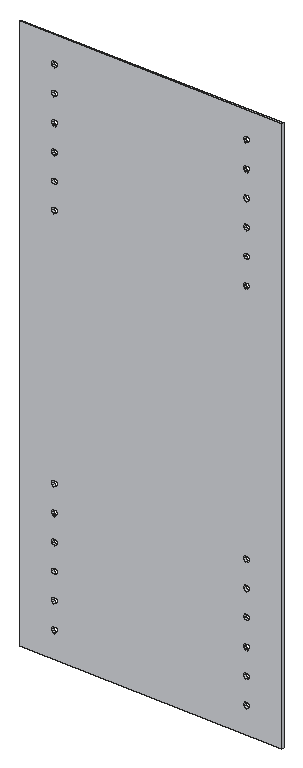
Revit family "StiffClip (R) WC", category Structural Connections, Revit 2026
Family settings
  Material for Model Behavior = Other
  Work Plane-Based = No
  Enable Cutting in Views = No
  Always vertical = No
  Cut with Voids When Loaded = No
  Shared = No
Parameters (values of type "StiffClip® WC 750-54-16")
  Version = "2.0"
  URL = "http://www.steelnetwork.com/product.aspx/StiffClipWC"
  Manufacturer = "The Steel Network, Inc."
  Is_750-54-16 = yes
  Is_750-118-16 = no
  Is_550-54-16 = no
  Is_550-54-13 = no
  Is_550-118-16 = no
  Is_550-118-13 = no
  Is_350-54 = no
  Is_350-118 = no
Types (9): name | Is_750-54-16 | Is_750-118-16 | Is_550-54-16 | Is_550-54-13 | Is_550-118-16 | Is_550-118-13 | Is_350-54 | Is_350-118
  (no name) | yes | no | no | no | no | no | no | no
  StiffClip® WC 350-54 | no | no | no | no | no | no | yes | no
  StiffClip® WC 350-118 | no | no | no | no | no | no | no | yes
  StiffClip® WC 550-54-13 | no | no | no | yes | no | no | no | no
  StiffClip® WC 550-54-16 | no | no | yes | no | no | no | no | no
  StiffClip® WC 550-118-13 | no | no | no | no | no | yes | no | no
  StiffClip® WC 550-118-16 | no | no | no | no | yes | no | no | no
  StiffClip® WC 750-54-16 | yes | no | no | no | no | no | no | no
  StiffClip® WC 750-118-16 | no | yes | no | no | no | no | no | no
Reference planes (in)
  plane 1 "Center (Front/Back)": y = 0
  plane 2: z = 0
  plane 3 "Center (Left/Right)": x = 0
Nested families (in)
  nested 1: "StiffClip (R) WC350-54" at (-1.75, 0, 0), visible <- "Is_350-54", type "StiffClip (R) WC350-54"
  nested 2: "StiffClip (R) WC350-118" at (-1.75, 0, 0), visible <- "Is_350-118", type "StiffClip (R) WC350-118"
  nested 3: "StiffClip (R) WC550-54-16" at (-2.73521, 0, 0), visible <- "Is_550-54-16", type "StiffClip (R) WC550-54-16"
  nested 4: "StiffClip (R) WC550-54-13" at (-2.75, 0, 0), visible <- "Is_550-54-13", type "StiffClip (R) WC550-54-13"
  nested 5: "StiffClip (R) WC550-118-13" at (-2.75, 0, 0), visible <- "Is_550-118-13", type "StiffClip (R) WC550-118-13"
  nested 6: "StiffClip (R) WC550-118-16" at (-2.75, 0, 0), visible <- "Is_550-118-16", type "StiffClip (R) WC550-118-16"
  nested 7: "StiffClip (R) WC750-54-16" at (-3.73521, 0, 0), visible <- "Is_750-54-16", type "StiffClip (R) WC750-54-16"
  nested 8: "StiffClip (R) WC750-118-16" at (-3.75, 0, 0), visible <- "Is_750-118-16", type "StiffClip (R) WC750-118-16"
Definition of nested family "StiffClip (R) WC350-54"
  Reference planes (in)
    plane 1 "Center (Front/Back)": y = 0
    plane 2: z = 0
    plane 3 "Center (Left/Right)": x = 0
    plane 4: x = 3.5
    plane 5: y = -0.0566
    plane 6: x = 1
    plane 7: x = 2.5
    plane 8: z = -4.25
  Forms (in)
    Extrusion 1, solid
      sketch origin (0, 0, 0) x (1, 0, 0) y (0, 0, 1)
        loop
          line (0, 5) -> (0, -5) -> (3.5, -5) -> (3.5, 5) -> (0, 5)
      from 0 to 0.0566
    Extrusion 2, void
      sketch origin (0, 0, 0) x (1, 0, 0) y (0, 0, 1)
        loop
          circle (2.5, 4.25) r 0.086
        loop
          circle (1, 4.25) r 0.086
        loop
          circle (2.5, 3.5) r 0.086
        loop
          circle (1, 3.5) r 0.086
        loop
          circle (2.5, 2.75) r 0.086
        loop
          circle (1, 2.75) r 0.086
        loop
          circle (2.5, 2) r 0.086
        loop
          circle (1, 2) r 0.086
        loop
          circle (2.5, -2) r 0.086
        loop
          circle (1, -2) r 0.086
        loop
          circle (2.5, -2.75) r 0.086
        loop
          circle (1, -2.75) r 0.086
        loop
          circle (2.5, -3.5) r 0.086
        loop
          circle (1, -3.5) r 0.086
        loop
          circle (2.5, -4.25) r 0.086
        loop
          circle (1, -4.25) r 0.086
      from 0 to 0.0566
  Cuts and joins
    Extrusion 2 cuts Extrusion 1
  Dimensions and locks (in)
    aligned and locked: Extrusion 1 to Extrusion 2  (x2)
Definition of nested family "StiffClip (R) WC350-118"
  Reference planes (in)
    plane 1 "Center (Front/Back)": y = 0
    plane 2: z = 0
    plane 3 "Center (Left/Right)": x = 0
    plane 4: x = 3.5
    plane 5: y = -0.1017
    plane 6: x = 1
    plane 7: x = 2.5
    plane 8: z = -4.25
  Forms (in)
    Extrusion 1, solid
      sketch origin (0, 0, 0) x (1, 0, 0) y (0, 0, 1)
        loop
          line (0, 5) -> (0, -5) -> (3.5, -5) -> (3.5, 5) -> (0, 5)
      from 0 to 0.1017
    Extrusion 2, void
      sketch origin (0, 0, 0) x (1, 0, 0) y (0, 0, 1)
        loop
          circle (2.5, 4.25) r 0.086
        loop
          circle (1, 4.25) r 0.086
        loop
          circle (2.5, 3.5) r 0.086
        loop
          circle (1, 3.5) r 0.086
        loop
          circle (2.5, 2.75) r 0.086
        loop
          circle (1, 2.75) r 0.086
        loop
          circle (2.5, 2) r 0.086
        loop
          circle (1, 2) r 0.086
        loop
          circle (2.5, -2) r 0.086
        loop
          circle (1, -2) r 0.086
        loop
          circle (2.5, -2.75) r 0.086
        loop
          circle (1, -2.75) r 0.086
        loop
          circle (2.5, -3.5) r 0.086
        loop
          circle (1, -3.5) r 0.086
        loop
          circle (2.5, -4.25) r 0.086
        loop
          circle (1, -4.25) r 0.086
      from 0 to 0.1017
  Cuts and joins
    Extrusion 2 cuts Extrusion 1
  Dimensions and locks (in)
    aligned and locked: Extrusion 1 to Extrusion 2  (x2)
Definition of nested family "StiffClip (R) WC550-54-16"
  Reference planes (in)
    plane 1 "Center (Front/Back)": y = 0
    plane 2: z = 0
    plane 3 "Center (Left/Right)": x = 0
    plane 4: x = 5.5
    plane 5: y = -0.0566
    plane 6: x = 4.5
    plane 7: z = -8
    plane 8: z = 7.25
    plane 9: z = 8
    plane 10: z = -7.25
  Forms (in)
    Extrusion 1, solid
      sketch origin (0, 0, 3) x (1, 0, 0) y (0, 0, 1)
        loop
          line (0, 5) -> (0, -11) -> (5.5, -11) -> (5.5, 5) -> (0, 5)
      from 0 to 0.0566
    Extrusion 2, void
      sketch origin (0, 0, 0) x (1, 0, 0) y (0, 0, 1)
        loop
          circle (4.5, 7.25) r 0.086
        loop
          circle (1, 7.25) r 0.086
        loop
          circle (4.5, 6.5) r 0.086
        loop
          circle (1, 6.5) r 0.086
        loop
          circle (4.5, 5.75) r 0.086
        loop
          circle (1, 5.75) r 0.086
        loop
          circle (4.5, 5) r 0.086
        loop
          circle (1, 5) r 0.086
        loop
          circle (4.5, 4.25) r 0.086
        loop
          circle (1, 4.25) r 0.086
        loop
          circle (4.5, 3.5) r 0.086
        loop
          circle (1, 3.5) r 0.086
        loop
          circle (4.5, -3.5) r 0.086
        loop
          circle (1, -3.5) r 0.086
        loop
          circle (4.5, -4.25) r 0.086
        loop
          circle (1, -4.25) r 0.086
        loop
          circle (4.5, -5) r 0.086
        loop
          circle (1, -5) r 0.086
        loop
          circle (4.5, -5.75) r 0.086
        loop
          circle (1, -5.75) r 0.086
        loop
          circle (4.5, -6.5) r 0.086
        loop
          circle (1, -6.5) r 0.086
        loop
          circle (4.5, -7.25) r 0.086
        loop
          circle (1, -7.25) r 0.086
      from 0 to 0.0566
  Cuts and joins
    Extrusion 2 cuts Extrusion 1
  Dimensions and locks (in)
    aligned and locked: Extrusion 1 to Extrusion 2  (x2)
    aligned and locked: plane 4 to Extrusion 1
    aligned and locked: Extrusion 1 to plane 5
Definition of nested family "StiffClip (R) WC550-54-13"
  Reference planes (in)
    plane 1 "Center (Front/Back)": y = 0
    plane 2: z = 0
    plane 3 "Center (Left/Right)": x = 0
    plane 4: x = 5.5
    plane 5: y = -0.0566
    plane 6: z = -4.25
    plane 7: x = 4.5
    plane 8: z = 4.25
  Forms (in)
    Extrusion 1, solid
      sketch origin (0, 0, 0) x (1, 0, 0) y (0, 0, 1)
        loop
          line (0, 5) -> (0, -5) -> (5.5, -5) -> (5.5, 5) -> (0, 5)
      from 0 to 0.0566
    Extrusion 2, void
      sketch origin (0, 0, 0) x (1, 0, 0) y (0, 0, 1)
        loop
          circle (4.5, 4.25) r 0.086
        loop
          circle (1, 4.25) r 0.086
        loop
          circle (4.5, 3.5) r 0.086
        loop
          circle (1, 3.5) r 0.086
        loop
          circle (4.5, 2.75) r 0.086
        loop
          circle (1, 2.75) r 0.086
        loop
          circle (4.5, 2) r 0.086
        loop
          circle (1, 2) r 0.086
        loop
          circle (4.5, -2) r 0.086
        loop
          circle (1, -2) r 0.086
        loop
          circle (4.5, -2.75) r 0.086
        loop
          circle (1, -2.75) r 0.086
        loop
          circle (4.5, -3.5) r 0.086
        loop
          circle (1, -3.5) r 0.086
        loop
          circle (4.5, -4.25) r 0.086
        loop
          circle (1, -4.25) r 0.086
      from 0 to 0.0566
  Cuts and joins
    Extrusion 2 cuts Extrusion 1
  Dimensions and locks (in)
    aligned and locked: Extrusion 1 to Extrusion 2  (x2)
    aligned and locked: plane 4 to Extrusion 1
Definition of nested family "StiffClip (R) WC550-118-13"
  Reference planes (in)
    plane 1 "Center (Front/Back)": y = 0
    plane 2: z = 0
    plane 3 "Center (Left/Right)": x = 0
    plane 4: x = 5.5
    plane 5: y = -0.1017
    plane 6: z = -4.25
    plane 7: x = 4.5
    plane 8: z = 4.25
  Forms (in)
    Extrusion 1, solid
      sketch origin (0, 0, 0) x (1, 0, 0) y (0, 0, 1)
        loop
          line (0, 5) -> (0, -5) -> (5.5, -5) -> (5.5, 5) -> (0, 5)
      from 0 to 0.1017
    Extrusion 2, void
      sketch origin (0, 0, 0) x (1, 0, 0) y (0, 0, 1)
        loop
          circle (4.5, 4.25) r 0.086
        loop
          circle (1, 4.25) r 0.086
        loop
          circle (4.5, 3.5) r 0.086
        loop
          circle (1, 3.5) r 0.086
        loop
          circle (4.5, 2.75) r 0.086
        loop
          circle (1, 2.75) r 0.086
        loop
          circle (4.5, 2) r 0.086
        loop
          circle (1, 2) r 0.086
        loop
          circle (4.5, -2) r 0.086
        loop
          circle (1, -2) r 0.086
        loop
          circle (4.5, -2.75) r 0.086
        loop
          circle (1, -2.75) r 0.086
        loop
          circle (4.5, -3.5) r 0.086
        loop
          circle (1, -3.5) r 0.086
        loop
          circle (4.5, -4.25) r 0.086
        loop
          circle (1, -4.25) r 0.086
      from 0 to 0.1017
  Cuts and joins
    Extrusion 2 cuts Extrusion 1
  Dimensions and locks (in)
    aligned and locked: Extrusion 1 to Extrusion 2  (x2)
    aligned and locked: plane 4 to Extrusion 1
    aligned and locked: Extrusion 1 to plane 5
Definition of nested family "StiffClip (R) WC550-118-16"
  Reference planes (in)
    plane 1 "Center (Front/Back)": y = 0
    plane 2: z = 0
    plane 3 "Center (Left/Right)": x = 0
    plane 4: x = 5.5
    plane 5: y = -0.1017
    plane 6: x = 4.5
    plane 7: z = -8
    plane 8: z = 7.25
    plane 9: z = 8
    plane 10: z = -7.25
  Forms (in)
    Extrusion 1, solid
      sketch origin (0, 0, 3) x (1, 0, 0) y (0, 0, 1)
        loop
          line (0, 5) -> (0, -11) -> (5.5, -11) -> (5.5, 5) -> (0, 5)
      from 0 to 0.1017
    Extrusion 2, void
      sketch origin (0, 0, 0) x (1, 0, 0) y (0, 0, 1)
        loop
          circle (4.5, 7.25) r 0.086
        loop
          circle (1, 7.25) r 0.086
        loop
          circle (4.5, 6.5) r 0.086
        loop
          circle (1, 6.5) r 0.086
        loop
          circle (4.5, 5.75) r 0.086
        loop
          circle (1, 5.75) r 0.086
        loop
          circle (4.5, 5) r 0.086
        loop
          circle (1, 5) r 0.086
        loop
          circle (4.5, 4.25) r 0.086
        loop
          circle (1, 4.25) r 0.086
        loop
          circle (4.5, 3.5) r 0.086
        loop
          circle (1, 3.5) r 0.086
        loop
          circle (4.5, -3.5) r 0.086
        loop
          circle (1, -3.5) r 0.086
        loop
          circle (4.5, -4.25) r 0.086
        loop
          circle (1, -4.25) r 0.086
        loop
          circle (4.5, -5) r 0.086
        loop
          circle (1, -5) r 0.086
        loop
          circle (4.5, -5.75) r 0.086
        loop
          circle (1, -5.75) r 0.086
        loop
          circle (4.5, -6.5) r 0.086
        loop
          circle (1, -6.5) r 0.086
        loop
          circle (4.5, -7.25) r 0.086
        loop
          circle (1, -7.25) r 0.086
      from 0 to 0.1017
  Cuts and joins
    Extrusion 2 cuts Extrusion 1
  Dimensions and locks (in)
    aligned and locked: Extrusion 1 to Extrusion 2  (x2)
    aligned and locked: plane 4 to Extrusion 1
    aligned and locked: Extrusion 1 to plane 5
Definition of nested family "StiffClip (R) WC750-54-16"
  Reference planes (in)
    plane 1 "Center (Front/Back)": y = 0
    plane 2: z = 0
    plane 3 "Center (Left/Right)": x = 0
    plane 4: x = 7.5
    plane 5: y = -0.0566
    plane 6: z = -8
    plane 7: z = 7.25
    plane 8: z = 8
    plane 9: z = -7.25
  Forms (in)
    Extrusion 1, solid
      sketch origin (0, 0, 3) x (1, 0, 0) y (0, 0, 1)
        loop
          line (0, 5) -> (0, -11) -> (7.5, -11) -> (7.5, 5) -> (0, 5)
      from 0 to 0.0566
    Extrusion 2, void
      sketch origin (0, 0, 0) x (1, 0, 0) y (0, 0, 1)
        loop
          circle (6.5, 7.25) r 0.086
        loop
          circle (1, 7.25) r 0.086
        loop
          circle (6.5, 6.5) r 0.086
        loop
          circle (1, 6.5) r 0.086
        loop
          circle (6.5, 5.75) r 0.086
        loop
          circle (1, 5.75) r 0.086
        loop
          circle (6.5, 5) r 0.086
        loop
          circle (1, 5) r 0.086
        loop
          circle (6.5, 4.25) r 0.086
        loop
          circle (1, 4.25) r 0.086
        loop
          circle (6.5, 3.5) r 0.086
        loop
          circle (1, 3.5) r 0.086
        loop
          circle (6.5, -3.5) r 0.086
        loop
          circle (1, -3.5) r 0.086
        loop
          circle (6.5, -4.25) r 0.086
        loop
          circle (1, -4.25) r 0.086
        loop
          circle (6.5, -5) r 0.086
        loop
          circle (1, -5) r 0.086
        loop
          circle (6.5, -5.75) r 0.086
        loop
          circle (1, -5.75) r 0.086
        loop
          circle (6.5, -6.5) r 0.086
        loop
          circle (1, -6.5) r 0.086
        loop
          circle (6.5, -7.25) r 0.086
        loop
          circle (1, -7.25) r 0.086
      from 0 to 0.0566
  Cuts and joins
    Extrusion 2 cuts Extrusion 1
  Dimensions and locks (in)
    aligned and locked: Extrusion 1 to Extrusion 2  (x2)
    aligned and locked: plane 4 to Extrusion 1
    aligned and locked: Extrusion 1 to plane 5
Definition of nested family "StiffClip (R) WC750-118-16"
  Reference planes (in)
    plane 1 "Center (Front/Back)": y = 0
    plane 2: z = 0
    plane 3 "Center (Left/Right)": x = 0
    plane 4: x = 7.5
    plane 5: y = -0.1017
    plane 6: z = -8
    plane 7: z = 7.25
    plane 8: z = 8
    plane 9: z = -7.25
  Forms (in)
    Extrusion 1, solid
      sketch origin (0, 0, 3) x (1, 0, 0) y (0, 0, 1)
        loop
          line (0, 5) -> (0, -11) -> (7.5, -11) -> (7.5, 5) -> (0, 5)
      from 0 to 0.1017
    Extrusion 2, void
      sketch origin (0, 0, 0) x (1, 0, 0) y (0, 0, 1)
        loop
          circle (6.5, 7.25) r 0.086
        loop
          circle (1, 7.25) r 0.086
        loop
          circle (6.5, 6.5) r 0.086
        loop
          circle (1, 6.5) r 0.086
        loop
          circle (6.5, 5.75) r 0.086
        loop
          circle (1, 5.75) r 0.086
        loop
          circle (6.5, 5) r 0.086
        loop
          circle (1, 5) r 0.086
        loop
          circle (6.5, 4.25) r 0.086
        loop
          circle (1, 4.25) r 0.086
        loop
          circle (6.5, 3.5) r 0.086
        loop
          circle (1, 3.5) r 0.086
        loop
          circle (6.5, -3.5) r 0.086
        loop
          circle (1, -3.5) r 0.086
        loop
          circle (6.5, -4.25) r 0.086
        loop
          circle (1, -4.25) r 0.086
        loop
          circle (6.5, -5) r 0.086
        loop
          circle (1, -5) r 0.086
        loop
          circle (6.5, -5.75) r 0.086
        loop
          circle (1, -5.75) r 0.086
        loop
          circle (6.5, -6.5) r 0.086
        loop
          circle (1, -6.5) r 0.086
        loop
          circle (6.5, -7.25) r 0.086
        loop
          circle (1, -7.25) r 0.086
      from 0 to 0.1017
  Cuts and joins
    Extrusion 2 cuts Extrusion 1
  Dimensions and locks (in)
    aligned and locked: Extrusion 1 to Extrusion 2  (x2)
    aligned and locked: plane 4 to Extrusion 1
    aligned and locked: Extrusion 1 to plane 5
